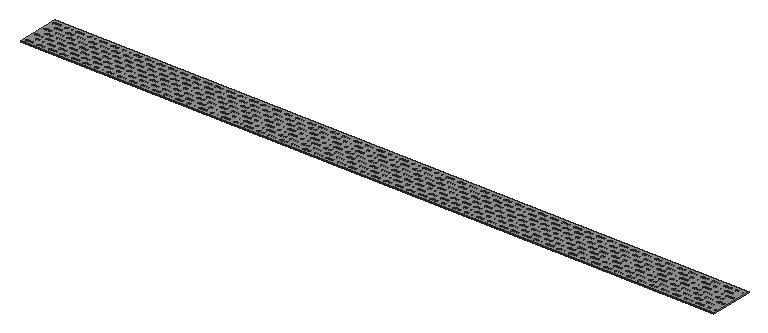
Revit family "Einlegeblech_185_FS_FT_DD_A2", category Generic Models, Revit 2017 (continued)
Dimensions and locks
  "Width": cut or joined group 1 (Extrusion 1, Extrusion 2, Extrusion 3, Extrusion 4, Extrusion 5, Extrusion 6, Extrusion 7, Extrusion 8, Extrusion 9, Extrusion 10, Extrusion 11, Extrusion 12, Extrusion 13, Extrusion 14, Extrusion 15, Extrusion 16, Extrusion 17, Extrusion 18, Extrusion 19, Extrusion 20, Extrusion 21, Extrusion 22, Extrusion 23, Extrusion 24, Extrusion 25, Extrusion 26, Extrusion 27, Extrusion 28, Extrusion 29, Extrusion 30, Extrusion 31, Extrusion 32, Extrusion 33, Extrusion 34, Extrusion 35, Extrusion 36, Extrusion 37, Extrusion 38, Extrusion 39, Extrusion 40, Extrusion 41, Extrusion 42, Extrusion 43, Extrusion 44, Extrusion 45, Extrusion 46, Extrusion 47, Extrusion 48, Extrusion 49, Extrusion 50, Extrusion 51, Extrusion 52, Extrusion 53, Extrusion 54, Extrusion 55, Extrusion 56, Extrusion 57, Extrusion 58, Extrusion 59, Extrusion 60, Extrusion 61, Extrusion 62, Extrusion 63, Extrusion 64, Extrusion 65, Extrusion 66, Extrusion 67, Extrusion 68, Extrusion 69, Extrusion 70, Extrusion 71, Extrusion 72, Extrusion 73, Extrusion 74, Extrusion 75, Extrusion 76, Extrusion 77, Extrusion 78, Extrusion 79, Extrusion 80, Extrusion 81, Extrusion 82, Extrusion 83, Extrusion 84, Extrusion 85, Extrusion 86, Extrusion 87, Extrusion 88, Extrusion 89, Extrusion 90, Extrusion 91, Extrusion 92, Extrusion 93, Extrusion 94, Extrusion 95, Extrusion 96, Extrusion 97, Extrusion 98, Extrusion 99, Extrusion 100, Extrusion 101, Extrusion 102, Extrusion 103, Extrusion 104, Extrusion 105, Extrusion 106, Extrusion 107, Extrusion 108, Extrusion 109, Extrusion 110, Extrusion 111, Extrusion 112, Extrusion 113, Extrusion 114, Extrusion 115, Extrusion 116, Extrusion 117, Extrusion 118, Extrusion 119, Extrusion 120, Extrusion 121, Extrusion 122, Extrusion 123, Extrusion 124, Extrusion 125, Extrusion 126, Extrusion 127, Extrusion 128, Extrusion 129, Extrusion 130, Extrusion 131, Extrusion 132, Extrusion 133, Extrusion 134, Extrusion 135, Extrusion 136, Extrusion 137, Extrusion 138, Extrusion 139, Extrusion 140, Extrusion 141, Extrusion 142, Extrusion 143, Extrusion 144, Extrusion 145, Extrusion 146, Extrusion 147, Extrusion 148, Extrusion 149, Extrusion 150, Extrusion 151, Extrusion 152, Extrusion 153, Extrusion 154, Extrusion 155, Extrusion 156, Extrusion 157, Extrusion 158, Extrusion 159, Extrusion 160, Extrusion 161, Extrusion 162, Extrusion 163, Extrusion 164, Extrusion 165, Extrusion 166, Extrusion 167, Extrusion 168, Extrusion 169, Extrusion 170, Extrusion 171, Extrusion 172, Extrusion 173, Extrusion 174, Extrusion 175, Extrusion 176, Extrusion 177, Extrusion 178, Extrusion 179, Extrusion 180, Extrusion 181, Extrusion 182, Extrusion 184, Extrusion 185, Extrusion 186, Extrusion 187, Extrusion 188, Extrusion 189, Extrusion 190, Extrusion 191, Extrusion 192, Extrusion 193, Extrusion 194, Extrusion 195, Extrusion 196, Extrusion 197, Extrusion 198, Extrusion 199, Extrusion 200, Extrusion 201, Extrusion 202, Extrusion 203, Extrusion 204, Extrusion 205, Extrusion 206, Extrusion 207, Extrusion 208, Extrusion 209, Extrusion 210, Extrusion 211, Extrusion 212, Extrusion 213, Extrusion 214, Extrusion 215, Extrusion 216, Extrusion 217, Extrusion 218, Extrusion 219, Extrusion 220, Extrusion 221, Extrusion 222, Extrusion 223, Extrusion 224, Extrusion 225, Extrusion 226, Extrusion 227, Extrusion 228, Extrusion 229, Extrusion 230, Extrusion 231, Extrusion 232, Extrusion 233, Extrusion 234, Extrusion 235, Extrusion 236, Extrusion 237, Extrusion 238, Extrusion 239, Extrusion 240, Extrusion 241, Extrusion 242, Extrusion 243, Extrusion 244, Extrusion 245, Extrusion 246, Extrusion 247, Extrusion 248, Extrusion 249, Extrusion 250, Extrusion 251, Extrusion 252, Extrusion 253, Extrusion 254, Extrusion 255, Extrusion 256, Extrusion 257, Extrusion 258, Extrusion 259, Extrusion 260, Extrusion 261, Extrusion 262, Extrusion 263, Extrusion 264, Extrusion 265, Extrusion 266, Extrusion 267, Extrusion 268, Extrusion 269, Extrusion 270, Extrusion 271, Extrusion 272, Extrusion 273, Extrusion 274, Extrusion 275, Extrusion 276, Extrusion 277, Extrusion 278, Extrusion 279, Extrusion 280, Extrusion 281, Extrusion 282, Extrusion 283, Extrusion 284, Extrusion 285, Extrusion 286, Extrusion 287, Extrusion 288, Extrusion 289, Extrusion 290, Extrusion 291, Extrusion 292, Extrusion 293, Extrusion 294, Extrusion 295, Extrusion 296, Extrusion 297, Extrusion 298, Extrusion 299, Extrusion 300, Extrusion 301, Extrusion 302, Extrusion 303, Extrusion 304, Extrusion 305, Extrusion 306, Extrusion 307, Extrusion 308, Extrusion 309, Extrusion 310, Extrusion 311, Extrusion 312, Extrusion 313, Extrusion 314, Extrusion 315, Extrusion 316, Extrusion 317, Extrusion 318, Extrusion 319, Extrusion 320, Extrusion 321, Extrusion 322, Extrusion 323, Extrusion 324, Extrusion 325, Extrusion 326, Extrusion 327, Extrusion 328, Extrusion 329, Extrusion 330, Extrusion 331, Extrusion 332, Extrusion 333, Extrusion 334, Extrusion 335, Extrusion 336, Extrusion 337, Extrusion 338, Extrusion 339, Extrusion 340, Extrusion 341, Extrusion 342, Extrusion 343, Extrusion 344, Extrusion 345, Extrusion 346, Extrusion 347, Extrusion 348, Extrusion 349, Extrusion 350, Extrusion 351, Extrusion 352, Extrusion 353, Extrusion 354, Extrusion 355, Extrusion 356, Extrusion 357, Extrusion 358, Extrusion 359, Extrusion 360, Extrusion 361, Extrusion 362, Extrusion 363, Extrusion 364, Extrusion 365, Extrusion 366, Extrusion 367, Extrusion 368, Extrusion 369, Extrusion 370, Extrusion 371, Extrusion 372, Extrusion 373, Extrusion 374, Extrusion 375, Extrusion 376, Extrusion 377, Extrusion 378, Extrusion 379, Extrusion 380, Extrusion 381, Extrusion 382, Extrusion 383, Extrusion 384, Extrusion 385, Extrusion 386, Extrusion 387, Extrusion 388, Extrusion 389, Extrusion 390, Extrusion 391, Extrusion 392, Extrusion 393, Extrusion 394, Extrusion 395, Extrusion 396, Extrusion 397, Extrusion 398, Extrusion 399, Extrusion 400, Extrusion 401, Extrusion 402, Extrusion 403, Extrusion 404, Extrusion 405, Extrusion 406, Extrusion 407, Extrusion 408, Extrusion 409, Extrusion 410, Extrusion 411, Extrusion 412, Extrusion 413, Extrusion 414, Extrusion 415, Extrusion 416, Extrusion 417, Extrusion 418, Extrusion 419) to cut or joined group of Extrusion 1, Extrusion 2, Extrusion 3, Extrusion 4, Extrusion 5, Extrusion 6, Extrusion 7, Extrusion 8, Extrusion 9, Extrusion 10, Extrusion 11, Extrusion 12, Extrusion 13, Extrusion 14, Extrusion 15, Extrusion 16, Extrusion 17, Extrusion 18, Extrusion 19, Extrusion 20, Extrusion 21, Extrusion 22, Extrusion 23, Extrusion 24, Extrusion 25, Extrusion 26, Extrusion 27, Extrusion 28, Extrusion 29, Extrusion 30, Extrusion 31, Extrusion 32, Extrusion 33, Extrusion 34, Extrusion 35, Extrusion 36, Extrusion 37, Extrusion 38, Extrusion 39, Extrusion 40, Extrusion 41, Extrusion 42, Extrusion 43, Extrusion 44, Extrusion 45, Extrusion 46, Extrusion 47, Extrusion 48, Extrusion 49, Extrusion 50, Extrusion 51, Extrusion 52, Extrusion 53, Extrusion 54, Extrusion 55, Extrusion 56, Extrusion 57, Extrusion 58, Extrusion 59, Extrusion 60, Extrusion 61, Extrusion 62, Extrusion 63, Extrusion 64, Extrusion 65, Extrusion 66, Extrusion 67, Extrusion 68, Extrusion 69, Extrusion 70, Extrusion 71, Extrusion 72, Extrusion 73, Extrusion 74, Extrusion 75, Extrusion 76, Extrusion 77, Extrusion 78, Extrusion 79, Extrusion 80, Extrusion 81, Extrusion 82, Extrusion 83, Extrusion 84, Extrusion 85, Extrusion 86, Extrusion 87, Extrusion 88, Extrusion 89, Extrusion 90, Extrusion 91, Extrusion 92, Extrusion 93, Extrusion 94, Extrusion 95, Extrusion 96, Extrusion 97, Extrusion 98, Extrusion 99, Extrusion 100, Extrusion 101, Extrusion 102, Extrusion 103, Extrusion 104, Extrusion 105, Extrusion 106, Extrusion 107, Extrusion 108, Extrusion 109, Extrusion 110, Extrusion 111, Extrusion 112, Extrusion 113, Extrusion 114, Extrusion 115, Extrusion 116, Extrusion 117, Extrusion 118, Extrusion 119, Extrusion 120, Extrusion 121, Extrusion 122, Extrusion 123, Extrusion 124, Extrusion 125, Extrusion 12
    6, Extrusion 127, Extrusion 128, Extrusion 129, Extrusion 130, Extrusion 131, Extrusion 132, Extrusion 133, Extrusion 134, Extrusion 135, Extrusion 136, Extrusion 137, Extrusion 138, Extrusion 139, Extrusion 140, Extrusion 141, Extrusion 142, Extrusion 143, Extrusion 144, Extrusion 145, Extrusion 146, Extrusion 147, Extrusion 148, Extrusion 149, Extrusion 150, Extrusion 151, Extrusion 152, Extrusion 153, Extrusion 154, Extrusion 155, Extrusion 156, Extrusion 157, Extrusion 158, Extrusion 159, Extrusion 160, Extrusion 161, Extrusion 162, Extrusion 163, Extrusion 164, Extrusion 165, Extrusion 166, Extrusion 167, Extrusion 168, Extrusion 169, Extrusion 170, Extrusion 171, Extrusion 172, Extrusion 173, Extrusion 174, Extrusion 175, Extrusion 176, Extrusion 177, Extrusion 178, Extrusion 179, Extrusion 180, Extrusion 181, Extrusion 182, Extrusion 184, Extrusion 185, Extrusion 186, Extrusion 187, Extrusion 188, Extrusion 189, Extrusion 190, Extrusion 191, Extrusion 192, Extrusion 193, Extrusion 194, Extrusion 195, Extrusion 196, Extrusion 197, Extrusion 198, Extrusion 199, Extrusion 200, Extrusion 201, Extrusion 202, Extrusion 203, Extrusion 204, Extrusion 205, Extrusion 206, Extrusion 207, Extrusion 208, Extrusion 209, Extrusion 210, Extrusion 211, Extrusion 212, Extrusion 213, Extrusion 214, Extrusion 215, Extrusion 216, Extrusion 217, Extrusion 218, Extrusion 219, Extrusion 220, Extrusion 221, Extrusion 222, Extrusion 223, Extrusion 224, Extrusion 225, Extrusion 226, Extrusion 227, Extrusion 228, Extrusion 229, Extrusion 230, Extrusion 231, Extrusion 232, Extrusion 233, Extrusion 234, Extrusion 235, Extrusion 236, Extrusion 237, Extrusion 238, Extrusion 239, Extrusion 240, Extrusion 241, Extrusion 242, Extrusion 243, Extrusion 244, Extrusion 245, Extrusion 246, Extrusion 247, Extrusion 248, Extrusion 249, Extrusion 250, Extrusion 251, Extrusion 252, Extrusion 253, Extrusion 254, Extrusion 255, Extrusion 256, Extrusion 257, Extrusion 258, Extrusion 259, Extrusion 260, Extrusion 261, Extrusion 262, Extrusion 263, Extrusion 264, Extrusion 265, Extrusion 266, Extrusion 267, Extrusion 268, Extrusion 269, Extrusion 270, Extrusion 271, Extrusion 272, Extrusion 273, Extrusion 274, Extrusion 275, Extrusion 276, Extrusion 277, Extrusion 278, Extrusion 279, Extrusion 280, Extrusion 281, Extrusion 282, Extrusion 283, Extrusion 284, Extrusion 285, Extrusion 286, Extrusion 287, Extrusion 288, Extrusion 289, Extrusion 290, Extrusion 291, Extrusion 292, Extrusion 293, Extrusion 294, Extrusion 295, Extrusion 296, Extrusion 297, Extrusion 298, Extrusion 299, Extrusion 300, Extrusion 301, Extrusion 302, Extrusion 303, Extrusion 304, Extrusion 305, Extrusion 306, Extrusion 307, Extrusion 308, Extrusion 309, Extrusion 310, Extrusion 311, Extrusion 312, Extrusion 313, Extrusion 314, Extrusion 315, Extrusion 316, Extrusion 317, Extrusion 318, Extrusion 319, Extrusion 320, Extrusion 321, Extrusion 322, Extrusion 323, Extrusion 324, Extrusion 325, Extrusion 326, Extrusion 327, Extrusion 328, Extrusion 329, Extrusion 330, Extrusion 331, Extrusion 332, Extrusion 333, Extrusion 334, Extrusion 335, Extrusion 336, Extrusion 337, Extrusion 338, Extrusion 339, Extrusion 340, Extrusion 341, Extrusion 342, Extrusion 343, Extrusion 344, Extrusion 345, Extrusion 346, Extrusion 347, Extrusion 348, Extrusion 349, Extrusion 350, Extrusion 351, Extrusion 352, Extrusion 353, Extrusion 354, Extrusion 355, Extrusion 356, Extrusion 357, Extrusion 358, Extrusion 359, Extrusion 360, Extrusion 361, Extrusion 362, Extrusion 363, Extrusion 364, Extrusion 365, Extrusion 366, Extrusion 367, Extrusion 368, Extrusion 369, Extrusion 370, Extrusion 371, Extrusion 372, Extrusion 373, Extrusion 374, Extrusion 375, Extrusion 376, Extrusion 377, Extrusion 378, Extrusion 379, Extrusion 380, Extrusion 381, Extrusion 382, Extrusion 383, Extrusion 384, Extrusion 385, Extrusion 386, Extrusion 387, Extrusion 388, Extrusion 389, Extrusion 390, Extrusion 391, Extrusion 392, Extrusion 393, Extrusion 394, Extrusion 395, Extrusion 396, Extrusion 397, Extrusion 398, Extrusion 399, Extrusion 400, Extrusion 401, Extrusion 402, Extrusion 403, Extrusion 404, Extrusion 405, Extrusion 406, Extrusion 407, Extrusion 408, Extrusion 409, Extrusion 410, Extrusion 411, Extrusion 412, Extrusion 413, Extrusion 414, Extrusion 415, Extrusion 416, Extrusion 417, Extrusion 418, Extrusion 419
  aligned and locked: level to plane 2
  aligned and locked: Extrusion 1 sketch curve to plane 1 "Center (Front/Back)"
  aligned and locked: Extrusion 1 to level
  aligned and locked: Extrusion 2 to level
  aligned and locked: Extrusion 1 to Extrusion 2
  aligned and locked: cut or joined group 1 to cut or joined group of Extrusion 1, Extrusion 2, Extrusion 3, Extrusion 4, Extrusion 5, Extrusion 6, Extrusion 7, Extrusion 8, Extrusion 9, Extrusion 10, Extrusion 11, Extrusion 12, Extrusion 13, Extrusion 14, Extrusion 15, Extrusion 16, Extrusion 17, Extrusion 18, Extrusion 19, Extrusion 20, Extrusion 21, Extrusion 22, Extrusion 23, Extrusion 24, Extrusion 25, Extrusion 26, Extrusion 27, Extrusion 28, Extrusion 29, Extrusion 30, Extrusion 31, Extrusion 32, Extrusion 33, Extrusion 34, Extrusion 35, Extrusion 36, Extrusion 37, Extrusion 38, Extrusion 39, Extrusion 40, Extrusion 41, Extrusion 42, Extrusion 43, Extrusion 44, Extrusion 45, Extrusion 46, Extrusion 47, Extrusion 48, Extrusion 49, Extrusion 50, Extrusion 51, Extrusion 52, Extrusion 53, Extrusion 54, Extrusion 55, Extrusion 56, Extrusion 57, Extrusion 58, Extrusion 59, Extrusion 60, Extrusion 61, Extrusion 62, Extrusion 63, Extrusion 64, Extrusion 65, Extrusion 66, Extrusion 67, Extrusion 68, Extrusion 69, Extrusion 70, Extrusion 71, Extrusion 72, Extrusion 73, Extrusion 74, Extrusion 75, Extrusion 76, Extrusion 77, Extrusion 78, Extrusion 79, Extrusion 80, Extrusion 81, Extrusion 82, Extrusion 83, Extrusion 84, Extrusion 85, Extrusion 86, Extrusion 87, Extrusion 88, Extrusion 89, Extrusion 90, Extrusion 91, Extrusion 92, Extrusion 93, Extrusion 94, Extrusion 95, Extrusion 96, Extrusion 97, Extrusion 98, Extrusion 99, Extrusion 100, Extrusion 101, Extrusion 102, Extrusion 103, Extrusion 104, Extrusion 105, Extrusion 106, Extrusion 107, Extrusion 108, Extrusion 109, Extrusion 110, Extrusion 111, Extrusion 112, Extrusion 113, Extrusion 114, Extrusion 115, Extrusion 116, Extrusion 117, Extrusion 118, Extrusion 119, Extrusion 120, Extrusion 121, Extrusion 122, Extrusion 123, Extrusion 124, Extrusion 125, E
    xtrusion 126, Extrusion 127, Extrusion 128, Extrusion 129, Extrusion 130, Extrusion 131, Extrusion 132, Extrusion 133, Extrusion 134, Extrusion 135, Extrusion 136, Extrusion 137, Extrusion 138, Extrusion 139, Extrusion 140, Extrusion 141, Extrusion 142, Extrusion 143, Extrusion 144, Extrusion 145, Extrusion 146, Extrusion 147, Extrusion 148, Extrusion 149, Extrusion 150, Extrusion 151, Extrusion 152, Extrusion 153, Extrusion 154, Extrusion 155, Extrusion 156, Extrusion 157, Extrusion 158, Extrusion 159, Extrusion 160, Extrusion 161, Extrusion 162, Extrusion 163, Extrusion 164, Extrusion 165, Extrusion 166, Extrusion 167, Extrusion 168, Extrusion 169, Extrusion 170, Extrusion 171, Extrusion 172, Extrusion 173, Extrusion 174, Extrusion 175, Extrusion 176, Extrusion 177, Extrusion 178, Extrusion 179, Extrusion 180, Extrusion 181, Extrusion 182, Extrusion 184, Extrusion 185, Extrusion 186, Extrusion 187, Extrusion 188, Extrusion 189, Extrusion 190, Extrusion 191, Extrusion 192, Extrusion 193, Extrusion 194, Extrusion 195, Extrusion 196, Extrusion 197, Extrusion 198, Extrusion 199, Extrusion 200, Extrusion 201, Extrusion 202, Extrusion 203, Extrusion 204, Extrusion 205, Extrusion 206, Extrusion 207, Extrusion 208, Extrusion 209, Extrusion 210, Extrusion 211, Extrusion 212, Extrusion 213, Extrusion 214, Extrusion 215, Extrusion 216, Extrusion 217, Extrusion 218, Extrusion 219, Extrusion 220, Extrusion 221, Extrusion 222, Extrusion 223, Extrusion 224, Extrusion 225, Extrusion 226, Extrusion 227, Extrusion 228, Extrusion 229, Extrusion 230, Extrusion 231, Extrusion 232, Extrusion 233, Extrusion 234, Extrusion 235, Extrusion 236, Extrusion 237, Extrusion 238, Extrusion 239, Extrusion 240, Extrusion 241, Extrusion 242, Extrusion 243, Extrusion 244, Extrusion 245, Extrusion 246, Extrusion 247, Extrusion 248, Extrusion 249, Extrusion 250, Extrusion 251, Extrusion 252, Extrusion 253, Extrusion 254, Extrusion 255, Extrusion 256, Extrusion 257, Extrusion 258, Extrusion 259, Extrusion 260, Extrusion 261, Extrusion 262, Extrusion 263, Extrusion 264, Extrusion 265, Extrusion 266, Extrusion 267, Extrusion 268, Extrusion 269, Extrusion 270, Extrusion 271, Extrusion 272, Extrusion 273, Extrusion 274, Extrusion 275, Extrusion 276, Extrusion 277, Extrusion 278, Extrusion 279, Extrusion 280, Extrusion 281, Extrusion 282, Extrusion 283, Extrusion 284, Extrusion 285, Extrusion 286, Extrusion 287, Extrusion 288, Extrusion 289, Extrusion 290, Extrusion 291, Extrusion 292, Extrusion 293, Extrusion 294, Extrusion 295, Extrusion 296, Extrusion 297, Extrusion 298, Extrusion 299, Extrusion 300, Extrusion 301, Extrusion 302, Extrusion 303, Extrusion 304, Extrusion 305, Extrusion 306, Extrusion 307, Extrusion 308, Extrusion 309, Extrusion 310, Extrusion 311, Extrusion 312, Extrusion 313, Extrusion 314, Extrusion 315, Extrusion 316, Extrusion 317, Extrusion 318, Extrusion 319, Extrusion 320, Extrusion 321, Extrusion 322, Extrusion 323, Extrusion 324, Extrusion 325, Extrusion 326, Extrusion 327, Extrusion 328, Extrusion 329, Extrusion 330, Extrusion 331, Extrusion 332, Extrusion 333, Extrusion 334, Extrusion 335, Extrusion 336, Extrusion 337, Extrusion 338, Extrusion 339, Extrusion 340, Extrusion 341, Extrusion 342, Extrusion 343, Extrusion 344, Extrusion 345, Extrusion 346, Extrusion 347, Extrusion 348, Extrusion 349, Extrusion 350, Extrusion 351, Extrusion 352, Extrusion 353, Extrusion 354, Extrusion 355, Extrusion 356, Extrusion 357, Extrusion 358, Extrusion 359, Extrusion 360, Extrusion 361, Extrusion 362, Extrusion 363, Extrusion 364, Extrusion 365, Extrusion 366, Extrusion 367, Extrusion 368, Extrusion 369, Extrusion 370, Extrusion 371, Extrusion 372, Extrusion 373, Extrusion 374, Extrusion 375, Extrusion 376, Extrusion 377, Extrusion 378, Extrusion 379, Extrusion 380, Extrusion 381, Extrusion 382, Extrusion 383, Extrusion 384, Extrusion 385, Extrusion 386, Extrusion 387, Extrusion 388, Extrusion 389, Extrusion 390, Extrusion 391, Extrusion 392, Extrusion 393, Extrusion 394, Extrusion 395, Extrusion 396, Extrusion 397, Extrusion 398, Extrusion 399, Extrusion 400, Extrusion 401, Extrusion 402, Extrusion 403, Extrusion 404, Extrusion 405, Extrusion 406, Extrusion 407, Extrusion 408, Extrusion 409, Extrusion 410, Extrusion 411, Extrusion 412, Extrusion 413, Extrusion 414, Extrusion 415, Extrusion 416, Extrusion 417, Extrusion 418, Extrusion 419  (x14)
  aligned and locked: Extrusion 179 to level
  aligned and locked: Extrusion 1 to Extrusion 179
Automatic sketch dimensions
  Extrusion 60 sketch curve to Extrusion 60 sketch curve = 25 mm
  Extrusion 2 sketch curve to Extrusion 2 sketch curve = 25 mm
  Extrusion 3 sketch curve to Extrusion 3 sketch curve = 25 mm
  Extrusion 4 sketch curve to Extrusion 4 sketch curve = 25 mm
  Extrusion 5 sketch curve to Extrusion 5 sketch curve = 25 mm
  Extrusion 6 sketch curve to Extrusion 6 sketch curve = 25 mm
  Extrusion 7 sketch curve to Extrusion 7 sketch curve = 25 mm
  Extrusion 8 sketch curve to Extrusion 8 sketch curve = 25 mm
  Extrusion 9 sketch curve to Extrusion 9 sketch curve = 25 mm
  Extrusion 10 sketch curve to Extrusion 10 sketch curve = 25 mm
  Extrusion 11 sketch curve to Extrusion 11 sketch curve = 25 mm
  Extrusion 12 sketch curve to Extrusion 12 sketch curve = 25 mm
  Extrusion 13 sketch curve to Extrusion 13 sketch curve = 25 mm
  Extrusion 14 sketch curve to Extrusion 14 sketch curve = 25 mm
  Extrusion 15 sketch curve to Extrusion 15 sketch curve = 25 mm
  Extrusion 16 sketch curve to Extrusion 16 sketch curve = 25 mm
  Extrusion 17 sketch curve to Extrusion 17 sketch curve = 25 mm
  Extrusion 18 sketch curve to Extrusion 18 sketch curve = 25 mm
  Extrusion 19 sketch curve to Extrusion 19 sketch curve = 25 mm
  Extrusion 20 sketch curve to Extrusion 20 sketch curve = 25 mm
  Extrusion 21 sketch curve to Extrusion 21 sketch curve = 25 mm
  Extrusion 22 sketch curve to Extrusion 22 sketch curve = 25 mm
  Extrusion 23 sketch curve to Extrusion 23 sketch curve = 25 mm
  Extrusion 24 sketch curve to Extrusion 24 sketch curve = 25 mm
  Extrusion 25 sketch curve to Extrusion 25 sketch curve = 25 mm
  Extrusion 26 sketch curve to Extrusion 26 sketch curve = 25 mm
  Extrusion 27 sketch curve to Extrusion 27 sketch curve = 25 mm
  Extrusion 28 sketch curve to Extrusion 28 sketch curve = 25 mm
  Extrusion 29 sketch curve to Extrusion 29 sketch curve = 25 mm
  Extrusion 30 sketch curve to Extrusion 30 sketch curve = 25 mm
  Extrusion 31 sketch curve to Extrusion 31 sketch curve = 25 mm
  Extrusion 32 sketch curve to Extrusion 32 sketch curve = 25 mm
  Extrusion 33 sketch curve to Extrusion 33 sketch curve = 25 mm
  Extrusion 34 sketch curve to Extrusion 34 sketch curve = 25 mm
  Extrusion 35 sketch curve to Extrusion 35 sketch curve = 25 mm
  Extrusion 36 sketch curve to Extrusion 36 sketch curve = 25 mm
  Extrusion 37 sketch curve to Extrusion 37 sketch curve = 25 mm
  Extrusion 38 sketch curve to Extrusion 38 sketch curve = 25 mm
  Extrusion 39 sketch curve to Extrusion 39 sketch curve = 25 mm
  Extrusion 40 sketch curve to Extrusion 40 sketch curve = 25 mm
  Extrusion 41 sketch curve to Extrusion 41 sketch curve = 25 mm
  Extrusion 42 sketch curve to Extrusion 42 sketch curve = 25 mm
  Extrusion 43 sketch curve to Extrusion 43 sketch curve = 25 mm
  Extrusion 44 sketch curve to Extrusion 44 sketch curve = 25 mm
  Extrusion 45 sketch curve to Extrusion 45 sketch curve = 25 mm
  Extrusion 46 sketch curve to Extrusion 46 sketch curve = 25 mm
  Extrusion 47 sketch curve to Extrusion 47 sketch curve = 25 mm
  Extrusion 48 sketch curve to Extrusion 48 sketch curve = 25 mm
  Extrusion 49 sketch curve to Extrusion 49 sketch curve = 25 mm
  Extrusion 50 sketch curve to Extrusion 50 sketch curve = 25 mm
  Extrusion 51 sketch curve to Extrusion 51 sketch curve = 25 mm
  Extrusion 52 sketch curve to Extrusion 52 sketch curve = 25 mm
  Extrusion 53 sketch curve to Extrusion 53 sketch curve = 25 mm
  Extrusion 54 sketch curve to Extrusion 54 sketch curve = 25 mm
  Extrusion 55 sketch curve to Extrusion 55 sketch curve = 25 mm
  Extrusion 56 sketch curve to Extrusion 56 sketch curve = 25 mm
  Extrusion 57 sketch curve to Extrusion 57 sketch curve = 25 mm
  Extrusion 58 sketch curve to Extrusion 58 sketch curve = 25 mm
  Extrusion 59 sketch curve to Extrusion 59 sketch curve = 25 mm
  Extrusion 61 sketch curve to Extrusion 61 sketch curve = 25 mm
  Extrusion 62 sketch curve to Extrusion 62 sketch curve = 25 mm
  Extrusion 63 sketch curve to Extrusion 63 sketch curve = 25 mm
  Extrusion 64 sketch curve to Extrusion 64 sketch curve = 25 mm
  Extrusion 65 sketch curve to Extrusion 65 sketch curve = 25 mm
  Extrusion 66 sketch curve to Extrusion 66 sketch curve = 25 mm
  Extrusion 67 sketch curve to Extrusion 67 sketch curve = 25 mm
  Extrusion 68 sketch curve to Extrusion 68 sketch curve = 25 mm
  Extrusion 69 sketch curve to Extrusion 69 sketch curve = 25 mm
  Extrusion 70 sketch curve to Extrusion 70 sketch curve = 25 mm
  Extrusion 71 sketch curve to Extrusion 71 sketch curve = 25 mm
  Extrusion 72 sketch curve to Extrusion 72 sketch curve = 25 mm
  Extrusion 73 sketch curve to Extrusion 73 sketch curve = 25 mm
  Extrusion 74 sketch curve to Extrusion 74 sketch curve = 25 mm
  Extrusion 75 sketch curve to Extrusion 75 sketch curve = 25 mm
  Extrusion 76 sketch curve to Extrusion 76 sketch curve = 25 mm
  Extrusion 77 sketch curve to Extrusion 77 sketch curve = 25 mm
  Extrusion 78 sketch curve to Extrusion 78 sketch curve = 25 mm
  Extrusion 79 sketch curve to Extrusion 79 sketch curve = 25 mm
  Extrusion 80 sketch curve to Extrusion 80 sketch curve = 25 mm
  Extrusion 81 sketch curve to Extrusion 81 sketch curve = 25 mm
  Extrusion 82 sketch curve to Extrusion 82 sketch curve = 25 mm
  Extrusion 83 sketch curve to Extrusion 83 sketch curve = 25 mm
  Extrusion 84 sketch curve to Extrusion 84 sketch curve = 25 mm
  Extrusion 85 sketch curve to Extrusion 85 sketch curve = 25 mm
  Extrusion 86 sketch curve to Extrusion 86 sketch curve = 25 mm
  Extrusion 87 sketch curve to Extrusion 87 sketch curve = 25 mm
  Extrusion 88 sketch curve to Extrusion 88 sketch curve = 25 mm
  Extrusion 89 sketch curve to Extrusion 89 sketch curve = 25 mm
  Extrusion 90 sketch curve to Extrusion 90 sketch curve = 25 mm
  Extrusion 91 sketch curve to Extrusion 91 sketch curve = 25 mm
  Extrusion 92 sketch curve to Extrusion 92 sketch curve = 25 mm
  Extrusion 93 sketch curve to Extrusion 93 sketch curve = 25 mm
  Extrusion 94 sketch curve to Extrusion 94 sketch curve = 25 mm
  Extrusion 95 sketch curve to Extrusion 95 sketch curve = 25 mm
  Extrusion 96 sketch curve to Extrusion 96 sketch curve = 25 mm
  Extrusion 97 sketch curve to Extrusion 97 sketch curve = 25 mm
  Extrusion 98 sketch curve to Extrusion 98 sketch curve = 25 mm
  Extrusion 99 sketch curve to Extrusion 99 sketch curve = 25 mm
  Extrusion 100 sketch curve to Extrusion 100 sketch curve = 25 mm
  Extrusion 101 sketch curve to Extrusion 101 sketch curve = 25 mm
  Extrusion 102 sketch curve to Extrusion 102 sketch curve = 25 mm
  Extrusion 103 sketch curve to Extrusion 103 sketch curve = 25 mm
  Extrusion 104 sketch curve to Extrusion 104 sketch curve = 25 mm
  Extrusion 105 sketch curve to Extrusion 105 sketch curve = 25 mm
  Extrusion 106 sketch curve to Extrusion 106 sketch curve = 25 mm
  Extrusion 107 sketch curve to Extrusion 107 sketch curve = 25 mm
  Extrusion 108 sketch curve to Extrusion 108 sketch curve = 25 mm
  Extrusion 109 sketch curve to Extrusion 109 sketch curve = 25 mm
  Extrusion 110 sketch curve to Extrusion 110 sketch curve = 25 mm
  Extrusion 111 sketch curve to Extrusion 111 sketch curve = 25 mm
  Extrusion 112 sketch curve to Extrusion 112 sketch curve = 25 mm
  Extrusion 113 sketch curve to Extrusion 113 sketch curve = 25 mm
  Extrusion 114 sketch curve to Extrusion 114 sketch curve = 25 mm
  Extrusion 115 sketch curve to Extrusion 115 sketch curve = 25 mm
  Extrusion 116 sketch curve to Extrusion 116 sketch curve = 25 mm
  Extrusion 117 sketch curve to Extrusion 117 sketch curve = 25 mm
  Extrusion 118 sketch curve to Extrusion 118 sketch curve = 25 mm
  Extrusion 119 sketch curve to Extrusion 119 sketch curve = 25 mm
  Extrusion 120 sketch curve to Extrusion 120 sketch curve = 25 mm
  Extrusion 121 sketch curve to Extrusion 121 sketch curve = 25 mm
  Extrusion 122 sketch curve to Extrusion 122 sketch curve = 25 mm
  Extrusion 123 sketch curve to Extrusion 123 sketch curve = 25 mm
  Extrusion 124 sketch curve to Extrusion 124 sketch curve = 25 mm
  Extrusion 125 sketch curve to Extrusion 125 sketch curve = 25 mm
  Extrusion 126 sketch curve to Extrusion 126 sketch curve = 25 mm
  Extrusion 127 sketch curve to Extrusion 127 sketch curve = 25 mm
  Extrusion 128 sketch curve to Extrusion 128 sketch curve = 25 mm
  Extrusion 129 sketch curve to Extrusion 129 sketch curve = 25 mm
  Extrusion 130 sketch curve to Extrusion 130 sketch curve = 25 mm
  Extrusion 131 sketch curve to Extrusion 131 sketch curve = 25 mm
  Extrusion 132 sketch curve to Extrusion 132 sketch curve = 25 mm
  Extrusion 133 sketch curve to Extrusion 133 sketch curve = 25 mm
  Extrusion 134 sketch curve to Extrusion 134 sketch curve = 25 mm
  Extrusion 135 sketch curve to Extrusion 135 sketch curve = 25 mm
  Extrusion 136 sketch curve to Extrusion 136 sketch curve = 25 mm
  Extrusion 137 sketch curve to Extrusion 137 sketch curve = 25 mm
  Extrusion 138 sketch curve to Extrusion 138 sketch curve = 25 mm
  Extrusion 139 sketch curve to Extrusion 139 sketch curve = 25 mm
  Extrusion 140 sketch curve to Extrusion 140 sketch curve = 25 mm
  Extrusion 141 sketch curve to Extrusion 141 sketch curve = 25 mm
  Extrusion 142 sketch curve to Extrusion 142 sketch curve = 25 mm
  Extrusion 143 sketch curve to Extrusion 143 sketch curve = 25 mm
  Extrusion 144 sketch curve to Extrusion 144 sketch curve = 25 mm
  Extrusion 145 sketch curve to Extrusion 145 sketch curve = 25 mm
  Extrusion 146 sketch curve to Extrusion 146 sketch curve = 25 mm
  Extrusion 147 sketch curve to Extrusion 147 sketch curve = 25 mm
  Extrusion 148 sketch curve to Extrusion 148 sketch curve = 25 mm
  Extrusion 149 sketch curve to Extrusion 149 sketch curve = 25 mm
  Extrusion 150 sketch curve to Extrusion 150 sketch curve = 25 mm
  Extrusion 151 sketch curve to Extrusion 151 sketch curve = 25 mm
  Extrusion 152 sketch curve to Extrusion 152 sketch curve = 25 mm
  Extrusion 153 sketch curve to Extrusion 153 sketch curve = 25 mm
  Extrusion 154 sketch curve to Extrusion 154 sketch curve = 25 mm
  Extrusion 155 sketch curve to Extrusion 155 sketch curve = 25 mm
  Extrusion 156 sketch curve to Extrusion 156 sketch curve = 25 mm
  Extrusion 157 sketch curve to Extrusion 157 sketch curve = 25 mm
  Extrusion 158 sketch curve to Extrusion 158 sketch curve = 25 mm
  Extrusion 159 sketch curve to Extrusion 159 sketch curve = 25 mm
  Extrusion 160 sketch curve to Extrusion 160 sketch curve = 25 mm
  Extrusion 161 sketch curve to Extrusion 161 sketch curve = 25 mm
  Extrusion 162 sketch curve to Extrusion 162 sketch curve = 25 mm
  Extrusion 163 sketch curve to Extrusion 163 sketch curve = 25 mm
  Extrusion 164 sketch curve to Extrusion 164 sketch curve = 25 mm
  Extrusion 165 sketch curve to Extrusion 165 sketch curve = 25 mm
  Extrusion 166 sketch curve to Extrusion 166 sketch curve = 25 mm
  Extrusion 167 sketch curve to Extrusion 167 sketch curve = 25 mm
  Extrusion 168 sketch curve to Extrusion 168 sketch curve = 25 mm
  Extrusion 169 sketch curve to Extrusion 169 sketch curve = 25 mm
  Extrusion 170 sketch curve to Extrusion 170 sketch curve = 25 mm
  Extrusion 171 sketch curve to Extrusion 171 sketch curve = 25 mm
  Extrusion 172 sketch curve to Extrusion 172 sketch curve = 25 mm
  Extrusion 173 sketch curve to Extrusion 173 sketch curve = 25 mm
  Extrusion 174 sketch curve to Extrusion 174 sketch curve = 25 mm
  Extrusion 175 sketch curve to Extrusion 175 sketch curve = 25 mm
  Extrusion 176 sketch curve to Extrusion 176 sketch curve = 25 mm
  Extrusion 177 sketch curve to Extrusion 177 sketch curve = 25 mm
  Extrusion 178 sketch curve to Extrusion 178 sketch curve = 25 mm
  Extrusion 179 sketch curve to Extrusion 179 sketch curve = 24.969 mm
  Extrusion 180 sketch curve to Extrusion 180 sketch curve = 24.969 mm
  Extrusion 181 sketch curve to Extrusion 181 sketch curve = 24.969 mm
  Extrusion 182 sketch curve to Extrusion 182 sketch curve = 24.969 mm
  Extrusion 183 sketch curve to Extrusion 183 sketch curve = 24.969 mm
  Extrusion 184 sketch curve to Extrusion 184 sketch curve = 24.969 mm
  Extrusion 185 sketch curve to Extrusion 185 sketch curve = 24.969 mm
  Extrusion 186 sketch curve to Extrusion 186 sketch curve = 24.969 mm
  Extrusion 187 sketch curve to Extrusion 187 sketch curve = 24.969 mm
  Extrusion 188 sketch curve to Extrusion 188 sketch curve = 24.969 mm
  Extrusion 189 sketch curve to Extrusion 189 sketch curve = 24.969 mm
  Extrusion 190 sketch curve to Extrusion 190 sketch curve = 24.969 mm
  Extrusion 191 sketch curve to Extrusion 191 sketch curve = 24.969 mm
  Extrusion 192 sketch curve to Extrusion 192 sketch curve = 24.969 mm
  Extrusion 193 sketch curve to Extrusion 193 sketch curve = 24.969 mm
  Extrusion 194 sketch curve to Extrusion 194 sketch curve = 24.969 mm
  Extrusion 195 sketch curve to Extrusion 195 sketch curve = 24.969 mm
  Extrusion 196 sketch curve to Extrusion 196 sketch curve = 24.969 mm
  Extrusion 197 sketch curve to Extrusion 197 sketch curve = 24.969 mm
  Extrusion 198 sketch curve to Extrusion 198 sketch curve = 24.969 mm
  Extrusion 199 sketch curve to Extrusion 199 sketch curve = 24.969 mm
  Extrusion 200 sketch curve to Extrusion 200 sketch curve = 24.969 mm
  Extrusion 201 sketch curve to Extrusion 201 sketch curve = 24.969 mm
  Extrusion 202 sketch curve to Extrusion 202 sketch curve = 24.969 mm
  Extrusion 203 sketch curve to Extrusion 203 sketch curve = 24.969 mm
  Extrusion 204 sketch curve to Extrusion 204 sketch curve = 24.969 mm
  Extrusion 205 sketch curve to Extrusion 205 sketch curve = 24.969 mm
  Extrusion 206 sketch curve to Extrusion 206 sketch curve = 24.969 mm
  Extrusion 207 sketch curve to Extrusion 207 sketch curve = 24.969 mm
  Extrusion 208 sketch curve to Extrusion 208 sketch curve = 24.969 mm
  Extrusion 209 sketch curve to Extrusion 209 sketch curve = 24.969 mm
  Extrusion 210 sketch curve to Extrusion 210 sketch curve = 24.969 mm
  Extrusion 211 sketch curve to Extrusion 211 sketch curve = 24.969 mm
  Extrusion 212 sketch curve to Extrusion 212 sketch curve = 24.969 mm
  Extrusion 213 sketch curve to Extrusion 213 sketch curve = 24.969 mm
  Extrusion 214 sketch curve to Extrusion 214 sketch curve = 24.969 mm
  Extrusion 215 sketch curve to Extrusion 215 sketch curve = 24.969 mm
  Extrusion 216 sketch curve to Extrusion 216 sketch curve = 24.969 mm
  Extrusion 217 sketch curve to Extrusion 217 sketch curve = 24.969 mm
  Extrusion 218 sketch curve to Extrusion 218 sketch curve = 24.969 mm
  Extrusion 219 sketch curve to Extrusion 219 sketch curve = 24.969 mm
  Extrusion 220 sketch curve to Extrusion 220 sketch curve = 24.969 mm
  Extrusion 221 sketch curve to Extrusion 221 sketch curve = 24.969 mm
  Extrusion 222 sketch curve to Extrusion 222 sketch curve = 24.969 mm
  Extrusion 223 sketch curve to Extrusion 223 sketch curve = 24.969 mm
  Extrusion 224 sketch curve to Extrusion 224 sketch curve = 24.969 mm
  Extrusion 225 sketch curve to Extrusion 225 sketch curve = 24.969 mm
  Extrusion 226 sketch curve to Extrusion 226 sketch curve = 24.969 mm
  Extrusion 227 sketch curve to Extrusion 227 sketch curve = 24.969 mm
  Extrusion 228 sketch curve to Extrusion 228 sketch curve = 24.969 mm
  Extrusion 229 sketch curve to Extrusion 229 sketch curve = 24.969 mm
  Extrusion 230 sketch curve to Extrusion 230 sketch curve = 24.969 mm
  Extrusion 231 sketch curve to Extrusion 231 sketch curve = 24.969 mm
  Extrusion 232 sketch curve to Extrusion 232 sketch curve = 24.969 mm
  Extrusion 233 sketch curve to Extrusion 233 sketch curve = 24.969 mm
  Extrusion 234 sketch curve to Extrusion 234 sketch curve = 24.969 mm
  Extrusion 235 sketch curve to Extrusion 235 sketch curve = 24.969 mm
  Extrusion 236 sketch curve to Extrusion 236 sketch curve = 24.969 mm
  Extrusion 237 sketch curve to Extrusion 237 sketch curve = 24.969 mm
  Extrusion 238 sketch curve to Extrusion 238 sketch curve = 24.969 mm
  Extrusion 239 sketch curve to Extrusion 239 sketch curve = 24.969 mm
  Extrusion 240 sketch curve to Extrusion 240 sketch curve = 24.969 mm
  Extrusion 241 sketch curve to Extrusion 241 sketch curve = 24.969 mm
  Extrusion 242 sketch curve to Extrusion 242 sketch curve = 24.969 mm
  Extrusion 243 sketch curve to Extrusion 243 sketch curve = 24.969 mm
  Extrusion 244 sketch curve to Extrusion 244 sketch curve = 24.969 mm
  Extrusion 245 sketch curve to Extrusion 245 sketch curve = 24.969 mm
  Extrusion 246 sketch curve to Extrusion 246 sketch curve = 24.969 mm
  Extrusion 247 sketch curve to Extrusion 247 sketch curve = 24.969 mm
  Extrusion 248 sketch curve to Extrusion 248 sketch curve = 24.969 mm
  Extrusion 249 sketch curve to Extrusion 249 sketch curve = 24.969 mm
  Extrusion 250 sketch curve to Extrusion 250 sketch curve = 24.969 mm
  Extrusion 251 sketch curve to Extrusion 251 sketch curve = 24.969 mm
  Extrusion 252 sketch curve to Extrusion 252 sketch curve = 24.969 mm
  Extrusion 253 sketch curve to Extrusion 253 sketch curve = 24.969 mm
  Extrusion 254 sketch curve to Extrusion 254 sketch curve = 24.969 mm
  Extrusion 255 sketch curve to Extrusion 255 sketch curve = 24.969 mm
  Extrusion 256 sketch curve to Extrusion 256 sketch curve = 24.969 mm
  Extrusion 257 sketch curve to Extrusion 257 sketch curve = 24.969 mm
  Extrusion 258 sketch curve to Extrusion 258 sketch curve = 24.969 mm
  Extrusion 259 sketch curve to Extrusion 259 sketch curve = 24.969 mm
  Extrusion 260 sketch curve to Extrusion 260 sketch curve = 24.969 mm
  Extrusion 261 sketch curve to Extrusion 261 sketch curve = 24.969 mm
  Extrusion 262 sketch curve to Extrusion 262 sketch curve = 24.969 mm
  Extrusion 263 sketch curve to Extrusion 263 sketch curve = 24.969 mm
  Extrusion 264 sketch curve to Extrusion 264 sketch curve = 24.969 mm
  Extrusion 265 sketch curve to Extrusion 265 sketch curve = 24.969 mm
  Extrusion 266 sketch curve to Extrusion 266 sketch curve = 24.969 mm
  Extrusion 267 sketch curve to Extrusion 267 sketch curve = 24.969 mm
  Extrusion 268 sketch curve to Extrusion 268 sketch curve = 24.969 mm
  Extrusion 269 sketch curve to Extrusion 269 sketch curve = 24.969 mm
  Extrusion 270 sketch curve to Extrusion 270 sketch curve = 24.969 mm
  Extrusion 271 sketch curve to Extrusion 271 sketch curve = 24.969 mm
  Extrusion 272 sketch curve to Extrusion 272 sketch curve = 24.969 mm
  Extrusion 273 sketch curve to Extrusion 273 sketch curve = 24.969 mm
  Extrusion 274 sketch curve to Extrusion 274 sketch curve = 24.969 mm
  Extrusion 275 sketch curve to Extrusion 275 sketch curve = 24.969 mm
  Extrusion 276 sketch curve to Extrusion 276 sketch curve = 24.969 mm
  Extrusion 277 sketch curve to Extrusion 277 sketch curve = 24.969 mm
  Extrusion 278 sketch curve to Extrusion 278 sketch curve = 24.969 mm
  Extrusion 279 sketch curve to Extrusion 279 sketch curve = 24.969 mm
  Extrusion 280 sketch curve to Extrusion 280 sketch curve = 24.969 mm
  Extrusion 281 sketch curve to Extrusion 281 sketch curve = 24.969 mm
  Extrusion 282 sketch curve to Extrusion 282 sketch curve = 24.969 mm
  Extrusion 283 sketch curve to Extrusion 283 sketch curve = 24.969 mm
  Extrusion 284 sketch curve to Extrusion 284 sketch curve = 24.969 mm
  Extrusion 285 sketch curve to Extrusion 285 sketch curve = 24.969 mm
  Extrusion 286 sketch curve to Extrusion 286 sketch curve = 24.969 mm
  Extrusion 287 sketch curve to Extrusion 287 sketch curve = 24.969 mm
  Extrusion 288 sketch curve to Extrusion 288 sketch curve = 24.969 mm
  Extrusion 289 sketch curve to Extrusion 289 sketch curve = 24.969 mm
  Extrusion 290 sketch curve to Extrusion 290 sketch curve = 24.969 mm
  Extrusion 291 sketch curve to Extrusion 291 sketch curve = 24.969 mm
  Extrusion 292 sketch curve to Extrusion 292 sketch curve = 24.969 mm
  Extrusion 293 sketch curve to Extrusion 293 sketch curve = 24.969 mm
  Extrusion 294 sketch curve to Extrusion 294 sketch curve = 24.969 mm
  Extrusion 295 sketch curve to Extrusion 295 sketch curve = 24.969 mm
  Extrusion 296 sketch curve to Extrusion 296 sketch curve = 24.969 mm
  Extrusion 297 sketch curve to Extrusion 297 sketch curve = 24.969 mm
  Extrusion 298 sketch curve to Extrusion 298 sketch curve = 24.969 mm
  Extrusion 299 sketch curve to Extrusion 299 sketch curve = 24.969 mm
  Extrusion 300 sketch curve to Extrusion 300 sketch curve = 24.969 mm
  Extrusion 301 sketch curve to Extrusion 301 sketch curve = 24.969 mm
  Extrusion 302 sketch curve to Extrusion 302 sketch curve = 24.969 mm
  Extrusion 303 sketch curve to Extrusion 303 sketch curve = 24.969 mm
  Extrusion 304 sketch curve to Extrusion 304 sketch curve = 24.969 mm
  Extrusion 305 sketch curve to Extrusion 305 sketch curve = 24.969 mm
  Extrusion 306 sketch curve to Extrusion 306 sketch curve = 24.969 mm
  Extrusion 307 sketch curve to Extrusion 307 sketch curve = 24.969 mm
  Extrusion 308 sketch curve to Extrusion 308 sketch curve = 24.969 mm
  Extrusion 309 sketch curve to Extrusion 309 sketch curve = 24.969 mm
  Extrusion 310 sketch curve to Extrusion 310 sketch curve = 24.969 mm
  Extrusion 311 sketch curve to Extrusion 311 sketch curve = 24.969 mm
  Extrusion 312 sketch curve to Extrusion 312 sketch curve = 24.969 mm
  Extrusion 313 sketch curve to Extrusion 313 sketch curve = 24.969 mm
  Extrusion 314 sketch curve to Extrusion 314 sketch curve = 24.969 mm
  Extrusion 315 sketch curve to Extrusion 315 sketch curve = 24.969 mm
  Extrusion 316 sketch curve to Extrusion 316 sketch curve = 24.969 mm
  Extrusion 317 sketch curve to Extrusion 317 sketch curve = 24.969 mm
  Extrusion 318 sketch curve to Extrusion 318 sketch curve = 24.969 mm
  Extrusion 319 sketch curve to Extrusion 319 sketch curve = 24.969 mm
  Extrusion 320 sketch curve to Extrusion 320 sketch curve = 24.969 mm
  Extrusion 321 sketch curve to Extrusion 321 sketch curve = 24.969 mm
  Extrusion 322 sketch curve to Extrusion 322 sketch curve = 24.969 mm
  Extrusion 323 sketch curve to Extrusion 323 sketch curve = 24.969 mm
  Extrusion 324 sketch curve to Extrusion 324 sketch curve = 24.969 mm
  Extrusion 325 sketch curve to Extrusion 325 sketch curve = 24.969 mm
  Extrusion 326 sketch curve to Extrusion 326 sketch curve = 24.969 mm
  Extrusion 327 sketch curve to Extrusion 327 sketch curve = 24.969 mm
  Extrusion 328 sketch curve to Extrusion 328 sketch curve = 24.969 mm
  Extrusion 329 sketch curve to Extrusion 329 sketch curve = 24.969 mm
  Extrusion 330 sketch curve to Extrusion 330 sketch curve = 24.969 mm
  Extrusion 331 sketch curve to Extrusion 331 sketch curve = 24.969 mm
  Extrusion 332 sketch curve to Extrusion 332 sketch curve = 24.969 mm
  Extrusion 333 sketch curve to Extrusion 333 sketch curve = 24.969 mm
  Extrusion 334 sketch curve to Extrusion 334 sketch curve = 24.969 mm
  Extrusion 335 sketch curve to Extrusion 335 sketch curve = 24.969 mm
  Extrusion 336 sketch curve to Extrusion 336 sketch curve = 24.969 mm
  Extrusion 337 sketch curve to Extrusion 337 sketch curve = 24.969 mm
  Extrusion 338 sketch curve to Extrusion 338 sketch curve = 24.969 mm
  Extrusion 339 sketch curve to Extrusion 339 sketch curve = 24.969 mm
  Extrusion 340 sketch curve to Extrusion 340 sketch curve = 24.969 mm
  Extrusion 341 sketch curve to Extrusion 341 sketch curve = 24.969 mm
  Extrusion 342 sketch curve to Extrusion 342 sketch curve = 24.969 mm
  Extrusion 343 sketch curve to Extrusion 343 sketch curve = 24.969 mm
  Extrusion 344 sketch curve to Extrusion 344 sketch curve = 24.969 mm
  Extrusion 345 sketch curve to Extrusion 345 sketch curve = 24.969 mm
  Extrusion 346 sketch curve to Extrusion 346 sketch curve = 24.969 mm
  Extrusion 347 sketch curve to Extrusion 347 sketch curve = 24.969 mm
  Extrusion 348 sketch curve to Extrusion 348 sketch curve = 24.969 mm
  Extrusion 349 sketch curve to Extrusion 349 sketch curve = 24.969 mm
  Extrusion 350 sketch curve to Extrusion 350 sketch curve = 24.969 mm
  Extrusion 351 sketch curve to Extrusion 351 sketch curve = 24.969 mm
  Extrusion 352 sketch curve to Extrusion 352 sketch curve = 24.969 mm
  Extrusion 353 sketch curve to Extrusion 353 sketch curve = 24.969 mm
  Extrusion 354 sketch curve to Extrusion 354 sketch curve = 24.969 mm
  Extrusion 355 sketch curve to Extrusion 355 sketch curve = 24.969 mm
  Extrusion 356 sketch curve to Extrusion 356 sketch curve = 24.969 mm
  Extrusion 357 sketch curve to Extrusion 357 sketch curve = 24.969 mm
  Extrusion 358 sketch curve to Extrusion 358 sketch curve = 24.969 mm
  Extrusion 359 sketch curve to Extrusion 359 sketch curve = 24.969 mm
  Extrusion 360 sketch curve to Extrusion 360 sketch curve = 24.969 mm
  Extrusion 361 sketch curve to Extrusion 361 sketch curve = 24.969 mm
  Extrusion 362 sketch curve to Extrusion 362 sketch curve = 24.969 mm
  Extrusion 363 sketch curve to Extrusion 363 sketch curve = 24.969 mm
  Extrusion 364 sketch curve to Extrusion 364 sketch curve = 24.969 mm
  Extrusion 365 sketch curve to Extrusion 365 sketch curve = 24.969 mm
  Extrusion 366 sketch curve to Extrusion 366 sketch curve = 24.969 mm
  Extrusion 367 sketch curve to Extrusion 367 sketch curve = 24.969 mm
  Extrusion 368 sketch curve to Extrusion 368 sketch curve = 24.969 mm
  Extrusion 369 sketch curve to Extrusion 369 sketch curve = 24.969 mm
  Extrusion 370 sketch curve to Extrusion 370 sketch curve = 24.969 mm
  Extrusion 371 sketch curve to Extrusion 371 sketch curve = 24.969 mm
  Extrusion 372 sketch curve to Extrusion 372 sketch curve = 24.969 mm
  Extrusion 373 sketch curve to Extrusion 373 sketch curve = 24.969 mm
  Extrusion 374 sketch curve to Extrusion 374 sketch curve = 24.969 mm
  Extrusion 375 sketch curve to Extrusion 375 sketch curve = 24.969 mm
  Extrusion 376 sketch curve to Extrusion 376 sketch curve = 24.969 mm
  Extrusion 377 sketch curve to Extrusion 377 sketch curve = 24.969 mm
  Extrusion 378 sketch curve to Extrusion 378 sketch curve = 24.969 mm
  Extrusion 379 sketch curve to Extrusion 379 sketch curve = 24.969 mm
  Extrusion 380 sketch curve to Extrusion 380 sketch curve = 24.969 mm
  Extrusion 381 sketch curve to Extrusion 381 sketch curve = 24.969 mm
  Extrusion 382 sketch curve to Extrusion 382 sketch curve = 24.969 mm
  Extrusion 383 sketch curve to Extrusion 383 sketch curve = 24.969 mm
  Extrusion 384 sketch curve to Extrusion 384 sketch curve = 24.969 mm
  Extrusion 385 sketch curve to Extrusion 385 sketch curve = 24.969 mm
  Extrusion 386 sketch curve to Extrusion 386 sketch curve = 24.969 mm
  Extrusion 387 sketch curve to Extrusion 387 sketch curve = 24.969 mm
  Extrusion 388 sketch curve to Extrusion 388 sketch curve = 24.969 mm
  Extrusion 389 sketch curve to Extrusion 389 sketch curve = 24.969 mm
  Extrusion 390 sketch curve to Extrusion 390 sketch curve = 24.969 mm
  Extrusion 391 sketch curve to Extrusion 391 sketch curve = 24.969 mm
  Extrusion 392 sketch curve to Extrusion 392 sketch curve = 24.969 mm
  Extrusion 393 sketch curve to Extrusion 393 sketch curve = 24.969 mm
  Extrusion 394 sketch curve to Extrusion 394 sketch curve = 24.969 mm
  Extrusion 395 sketch curve to Extrusion 395 sketch curve = 24.969 mm
  Extrusion 396 sketch curve to Extrusion 396 sketch curve = 24.969 mm
  Extrusion 397 sketch curve to Extrusion 397 sketch curve = 24.969 mm
  Extrusion 398 sketch curve to Extrusion 398 sketch curve = 24.969 mm
  Extrusion 399 sketch curve to Extrusion 399 sketch curve = 24.969 mm
  Extrusion 400 sketch curve to Extrusion 400 sketch curve = 24.969 mm
  Extrusion 401 sketch curve to Extrusion 401 sketch curve = 24.969 mm
  Extrusion 402 sketch curve to Extrusion 402 sketch curve = 24.969 mm
  Extrusion 403 sketch curve to Extrusion 403 sketch curve = 24.969 mm
  Extrusion 404 sketch curve to Extrusion 404 sketch curve = 24.969 mm
  Extrusion 405 sketch curve to Extrusion 405 sketch curve = 24.969 mm
  Extrusion 406 sketch curve to Extrusion 406 sketch curve = 24.969 mm
  Extrusion 407 sketch curve to Extrusion 407 sketch curve = 24.969 mm
  Extrusion 408 sketch curve to Extrusion 408 sketch curve = 24.969 mm
  Extrusion 409 sketch curve to Extrusion 409 sketch curve = 24.969 mm
  Extrusion 410 sketch curve to Extrusion 410 sketch curve = 24.969 mm
  Extrusion 411 sketch curve to Extrusion 411 sketch curve = 24.969 mm
  Extrusion 412 sketch curve to Extrusion 412 sketch curve = 24.969 mm
  Extrusion 413 sketch curve to Extrusion 413 sketch curve = 24.969 mm
  Extrusion 414 sketch curve to Extrusion 414 sketch curve = 24.969 mm
  Extrusion 415 sketch curve to Extrusion 415 sketch curve = 24.969 mm
  Extrusion 416 sketch curve to Extrusion 416 sketch curve = 24.969 mm
  Extrusion 417 sketch curve to Extrusion 417 sketch curve = 24.969 mm
  Extrusion 418 sketch curve to Extrusion 418 sketch curve = 24.969 mm
  Extrusion 419 sketch curve to Extrusion 419 sketch curve = 24.969 mm
  Extrusion 1 sketch curve to plane 3 "Center (Left/Right)" = 0 mm
Types (5, lengths in mm): name | Material | Manufacturer Art.No. | GTIN | Article Type
  (no name) | Strip galvanised zinc/aluminium, Double Dip | "6103352" | "4012196029150" | "ELB-L 20 DD"
  ELB-L 20 FT | hot-dip galvanised | "6103352" | "4012196289455" | "ELB-L 20 FT"
  ELB-L 20 FS | Strip-galvanised | "6103235" | "4012196420735" | "ELB-L 20 FS"
  ELB-L 20 DD | Strip galvanised zinc/aluminium, Double Dip | "6103352" | "4012196029150" | "ELB-L 20 DD"
  ELB-L20 A2 | Stainless steel | "6103614" | "4012195037354" | "ELB-L20 A2"
